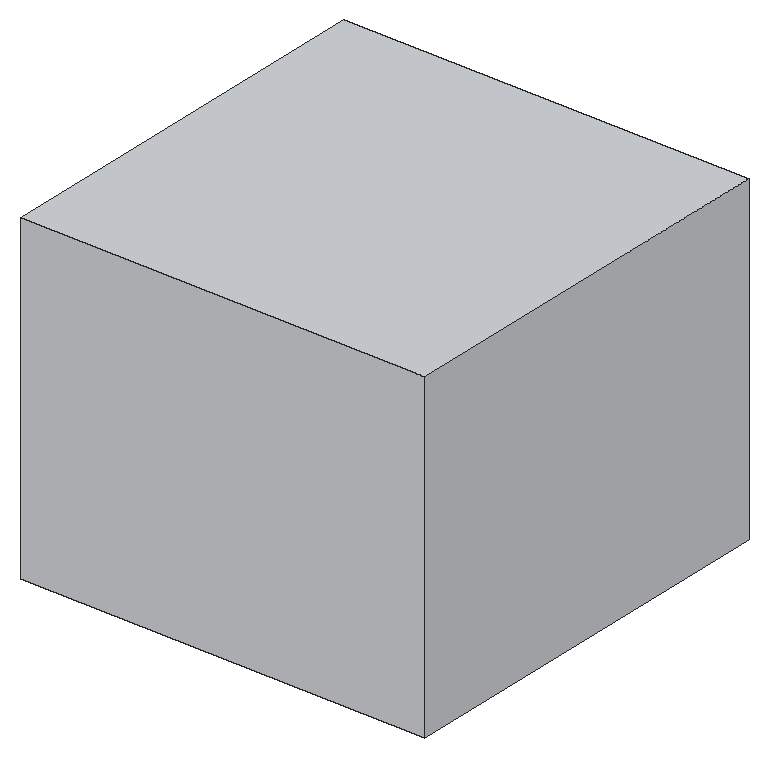
Revit family "XXX_RLT-Gerät_Ventilatorkammer", category HLS-Bauteile, Revit 2014
Parameters (values of type "Allgemein")
  Breite = 500 mm
  Symbollinie seitlicher Abstand [instance] = Symbolradius Seiten * 0.25  # 40 mm
  Symbolradius Seiten [instance] = if(Länge < Höhe, Länge * 0.4, Höhe * 0.4)  # 160 mm
  Symbollinie kurzer Abstand [instance] = Symbolradius oben * 0.25  # 50 mm
  Länge = 500 mm
  Höhe = 400 mm
  Anschlusslänge = 52.397 mm
  Symbolradius oben [instance] = if(Länge < Breite, Länge * 0.4, Breite * 0.4)  # 200 mm
Reference planes
  plane 1 "Mitte (Vorne/Hinten)": y = 0
  plane 2: z = 0
  plane 3 "Mitte (Links/Rechts)": x = 0
  plane 4: y = 250
  plane 5: y = -250
  plane 6: x = -250
  plane 7: x = 250
  plane 8: z = 200
  plane 9: z = -200
  plane 10: z = 230
  plane 11: y = -280
  plane 12: z = -230
  plane 13: y = 280
  plane 14: x = -245
  plane 15: x = 245
Forms (mm)
  Extrusion 1, solid, detail levels medium+fine
    sketch origin (-250, 397.271, 1219.2) x (0, 1, 0) y (0, 0, 1)
      loop
        line (-147.271, -1019.2) -> (-647.271, -1019.2) -> (-647.271, -1419.2) -> (-147.271, -1419.2) -> (-147.271, -1019.2)
    from 0 to 500
Lines and regions (mm)
  model lines, detail levels coarse
    curve 1: circle (0, 0, 0) r 200 normal (0, 0, 1)
    curve 2: line (193.649, 50, 0) -> (-142.705, 140.126, 0)
    curve 3: line (-142.705, -140.126, 0) -> (193.649, -50, 0)
    curve 4: line (250, 0, 0) -> (200, 0, 0)
    curve 5: line (-250, 0, 0) -> (-200, 0, 0)
  model lines, detail levels medium+fine
    curve 6: circle (0, 0, 200) r 200 normal (0, 0, 1)
    curve 7: line (193.649, 50, 200) -> (-142.705, 140.126, 200)
    curve 8: line (-142.705, -140.126, 200) -> (193.649, -50, 200)
    curve 9: circle (0.11, -250, -0.006) r 160 normal (0, -1, 0)
    curve 10: line (-114.05, -250, 112.099) -> (155.027, -250, 40)
    curve 11: line (-114.059, -250, -112.102) -> (155.03, -250, -40)
    curve 12: circle (0, 250, 0) r 160 normal (0, -1, 0)
    curve 13: line (-114.164, 250, 112.101) -> (154.919, 250, 40)
    curve 14: line (-114.164, 250, -112.101) -> (154.919, 250, -40)
Dimensions and locks
  equal spacing: plane 6, plane 3 "Mitte (Links/Rechts)", plane 7
  "Länge": plane 6 to plane 7
  equal spacing: plane 5, plane 1 "Mitte (Vorne/Hinten)", plane 4
  equal spacing: plane 8, level, plane 9
  "Höhe": plane 8 to plane 9
  "Breite": plane 5 to plane 4
  plane 10 to plane 8 = 30 mm
  plane 12 to plane 9 = 30 mm
  plane 13 to plane 4 = 30 mm
  plane 5 to plane 11 = 30 mm
  plane 6 to plane 14 = 5 mm
  plane 15 to plane 7 = 5 mm
  equal spacing: curve 3, plane 1 "Mitte (Vorne/Hinten)", curve 2
  locked: curve 1 to plane 1 "Mitte (Vorne/Hinten)"
  locked: plane 3 "Mitte (Links/Rechts)" to curve 1
  "Symbollinie kurzer Abstand": plane 1 "Mitte (Vorne/Hinten)" to curve 2
  locked: curve 6 to plane 1 "Mitte (Vorne/Hinten)"
  locked: curve 6 to plane 3 "Mitte (Links/Rechts)"
  equal spacing: curve 8, plane 1 "Mitte (Vorne/Hinten)", curve 7
  "Symbollinie kurzer Abstand": curve 8 to plane 1 "Mitte (Vorne/Hinten)"
  equal spacing: curve 10, level, curve 11
  "Symbollinie seitlicher Abstand": curve 10 to level
  locked: plane 3 "Mitte (Links/Rechts)" to curve 12 at 0
  locked: curve 12 to level at 0
  equal spacing: curve 14, level, curve 13
  "Symbollinie seitlicher Abstand": curve 14 to level
  "Symbolradius oben": radius of curve 1
  "Symbolradius oben": radius of curve 6
  "Symbolradius Seiten": radius of curve 9
  "Symbolradius Seiten": radius of curve 12
  locked: curve 2 to plane 1 "Mitte (Vorne/Hinten)" (angle 15.00°)
  locked: plane 1 "Mitte (Vorne/Hinten)" to curve 3 (angle 15.00°)
  locked: curve 7 to plane 1 "Mitte (Vorne/Hinten)" (angle 15.00°)
  locked: plane 1 "Mitte (Vorne/Hinten)" to curve 8 (angle 15.00°)
  locked: curve 10 to level (angle 15.00°)
  angle level to curve 11 = 15.00°
  locked: level to curve 13 (angle 15.00°)
  locked: curve 14 to level (angle 15.00°)
  aligned and locked: plane 2 to level
  aligned and locked: plane 7 to Extrusion 1
  aligned and locked: Extrusion 1 to plane 6
  aligned and locked: plane 8 to Extrusion 1
  aligned and locked: plane 9 to Extrusion 1
  aligned and locked: plane 5 to Extrusion 1
  aligned and locked: plane 4 to Extrusion 1
  aligned and locked: curve 4 to plane 1 "Mitte (Vorne/Hinten)"
  aligned and locked: plane 1 "Mitte (Vorne/Hinten)" to curve 5
Automatic sketch dimensions
  Extrusion 1 sketch curve to plane 5 = 0 mm
  Extrusion 1 sketch curve to plane 4 = 0 mm
  plane 9 to Extrusion 1 sketch curve = 0 mm
  Extrusion 1 sketch curve to plane 8 = 0 mm
  curve 9 to level = 0.006 mm
  plane 3 "Mitte (Links/Rechts)" to curve 9 = 0.11 mm
  curve 5 to plane 6 = 0 mm
  curve 4 to plane 7 = 0 mm
Connectors
  hvac at (-250, 0, 0), driven by "Breite", driven by "Höhe"
    settings: on Extrusion 1, index 1, duct flow 0 CFM, flow factor 0, pres drop 0.00 in-wg, loss coef 0, conn angle 0.00°, conn width 500 mm, conn height 400 mm, conn diameter 609.6 mm, duct sys type 29, conn prof type 1, flow config 0, flow direction 1, loss method 0, conn ref index 2, conn util no, is conn primary yes, conn desc ""
  hvac at (250, 0, 0), driven by "Höhe", driven by "Breite"
    settings: on Extrusion 1, index 2, duct flow 0 CFM, flow factor 0, pres drop 0.00 in-wg, loss coef 0, conn angle 0.00°, conn width 500 mm, conn height 400 mm, conn diameter 609.6 mm, duct sys type 29, conn prof type 1, flow config 0, flow direction 2, loss method 0, conn ref index 1, conn util no, is conn primary no, conn desc ""
  electrical at (0, -250, 0)
    settings: on Extrusion 1, index 3, voltage 0 V, apparent load 0 VA, apparent load phase1 0 VA, apparent load phase2 0 VA, apparent load phase3 0 VA, power factor 1, load classification "Andere", number of poles 1, system type 30, power factor state 1, is connector primary yes, connector utility no, sub classification motor no, connector description ""
